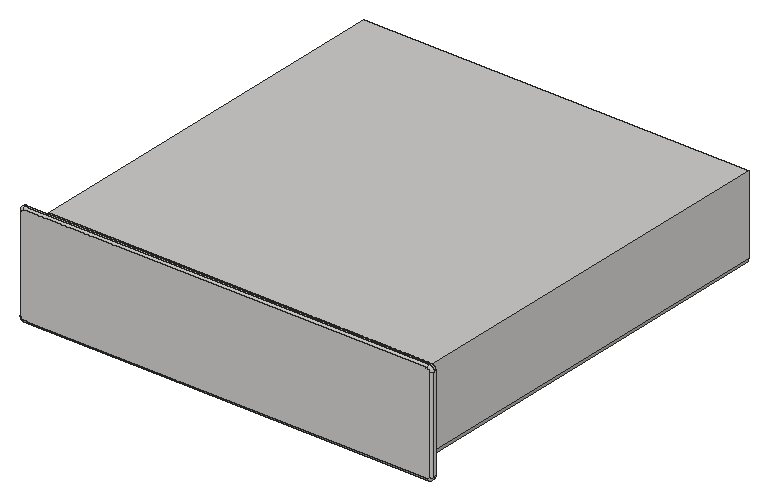
Revit family "M_Gaveta de aquecimento-copos", category Equipamento especial, Revit 2019
Family settings
  Cota do conector redondo = Utilizar diâmetro
  Tipo de parte = Normal
  Número OmniClass = 23.40.40.14
  Título OmniClass = Food Service Equipment
  Com base no plano de trabalho = Não
  Sempre na vertical = Sim
  Corte com vazios quando carregada = Não
  Compartilhado = Não
  Ponto de cálculo do ambiente = Não
Parameters (values of type "600 mm Aço inoxidável")
  Largura = 600 mm
  Embutido = 0 mm
  Voltagem = 120 V
  Type Comments = ""
  Mostrar legenda = yes
  Consumo de energia = 1000 VA
  Legenda = "Copos"
  Altura = 150 mm
  Descrição = "Gaveta de aquecimento de copos"
  Linear = 600 mm
  Código de montagem = "E1090320"
  Acabamento do eletrodoméstico = Eletrodoméstico – Aço inoxidável
  Corpo do eletrodoméstico = Eletrodoméstico – Aço inoxidável
  Amperagem = Consumo de energia / Voltagem  # 8.33333 A
Types (2, lengths in mm): name | Acabamento do eletrodoméstico
  600 mm Aço inoxidável | Eletrodoméstico – Aço inoxidável
  600 mm Preto | Eletrodoméstico – Aço – Revestimento preto
Reference planes
  plane 1 "Face do armário": y = 0
  plane 2: z = 0
  plane 3 "Centro (Esquerda/Direita)": x = 0
  plane 4 "Esquerda": x = -300
  plane 5 "Direita": x = 300
  plane 6 "Parte posterior": y = 572.219
  plane 7 "Frente da unidade": y = -27.781
  plane 8 "Traseira da porta": y = 0
  plane 9 "Superior": z = 150
  plane 10: z = 96.025
Forms (mm)
  Extrusion 1, solid, material "Eletrodoméstico – Aço inoxidável" <- "Acabamento do eletrodoméstico"
    sketch origin (0, -27.781, 0) x (-1, 0, 0) y (0, 0, 1)
      loop
        line (293.65, 150) -> (-293.65, 150)
        arc (-293.65, 150) -> (-298.14, 148.14) -> (-300, 143.65) r 6.35
        line (-300, 143.65) -> (-300, 6.35)
        arc (-300, 6.35) -> (-298.14, 1.86) -> (-293.65, 0) r 6.35
        line (-293.65, 0) -> (293.65, 0)
        arc (293.65, 0) -> (298.14, 1.86) -> (300, 6.35) r 6.35
        line (300, 6.35) -> (300, 143.65)
        arc (300, 143.65) -> (298.14, 148.14) -> (293.65, 150) r 6.35
    from 0 to 6.35
  Sweep 2, void
    path in 3D
      loop
        arc (293.65, -27.781, 0) -> (298.14, -27.781, 1.86) -> (300, -27.781, 6.35) r 6.35
        line (300, -27.781, 6.35) -> (300, -27.781, 143.65)
        arc (300, -27.781, 143.65) -> (298.14, -27.781, 148.14) -> (293.65, -27.781, 150) r 6.35
        line (293.65, -27.781, 150) -> (-293.65, -27.781, 150)
        arc (-293.65, -27.781, 150) -> (-298.14, -27.781, 148.14) -> (-300, -27.781, 143.65) r 6.35
        line (-300, -27.781, 143.65) -> (-300, -27.781, 6.35)
        arc (-300, -27.781, 6.35) -> (-298.14, -27.781, 1.86) -> (-293.65, -27.781, 0) r 6.35
        line (-293.65, -27.781, 0) -> (293.65, -27.781, 0)
    profile "M_Redondo : 3mm" origin (0, -27.781, 0) x (0, -1, 0) y (0, 0, -1)
      loop
        line (0, 0) -> (-3, 0)
        arc (-3, 0) -> (-0.879, -0.879) -> (0, -3) r 3
        line (0, -3) -> (0, 0)
  Extrusion 3, solid, material "Eletrodoméstico – Aço inoxidável" <- "Corpo do eletrodoméstico"
    sketch origin (0, 0, 0) x (-1, 0, 0) y (0, 0, 1)
      loop
        line (279.464, 135.713) -> (-279.464, 135.713) -> (-279.464, 20.637)
        arc (-279.464, 20.637) -> (-277.604, 16.147) -> (-273.114, 14.287) r 6.35
        line (-273.114, 14.287) -> (273.114, 14.287)
        arc (273.114, 14.287) -> (277.604, 16.147) -> (279.464, 20.637) r 6.35
        line (279.464, 20.637) -> (279.464, 135.713)
    from 0 to 572.219
  Extrusion 4, solid, material "Eletrodoméstico – Aço inoxidável" <- "Corpo do eletrodoméstico"
    sketch origin (0, 0, 0) x (-1, 0, 0) y (0, 0, 1)
      loop
        line (266.764, 123.013) -> (-264.904, 123.013) -> (-264.904, 28.847) -> (266.764, 28.847) -> (266.764, 123.013)
    from 0 to -21.431
Cuts and joins
  Sweep 2 cuts Extrusion 1
Lines and regions (mm)
  Masking region 1
    outline origin (0, 0, 0) x (1, 0, 0) y (0, 1, 0)
      loop
        line (300, 0) -> (-300, 0) -> (-300, -27.781) -> (300, -27.781) -> (300, 0)
  Split face 1
    outline origin (0, 572.219, 0) x (-1, 0, 0) y (0, 0, 1)
      loop
        circle (216.335, 96.025) r 6.35
  symbolic lines, style "Eletrodomésticos"
    curve 1: line (-300, 0, 0) -> (-300, -27.781, 0)
    curve 2: line (300, -27.781, 0) -> (-300, -27.781, 0)
    curve 3: line (300, -27.781, 0) -> (300, 0, 0)
    curve 15: line (-300, 0, 0) -> (300, 0, 0)
  sketch lines
    curve 4: line (-293.65, -27.781, 0) -> (293.65, -27.781, 0)
    curve 5: arc (300, -27.781, 6.35) -> (298.14, -27.781, 1.86) -> (293.65, -27.781, 0) r 6.35
    curve 6: arc (-293.65, -27.781, 0) -> (-298.14, -27.781, 1.86) -> (-300, -27.781, 6.35) r 6.35
    curve 7: line (-300, -27.781, 143.65) -> (-300, -27.781, 6.35)
    curve 8: arc (-300, -27.781, 143.65) -> (-298.14, -27.781, 148.14) -> (-293.65, -27.781, 150) r 6.35
    curve 9: line (293.65, -27.781, 150) -> (-293.65, -27.781, 150)
    curve 10: arc (293.65, -27.781, 150) -> (298.14, -27.781, 148.14) -> (300, -27.781, 143.65) r 6.35
    curve 11: line (300, -27.781, 6.35) -> (300, -27.781, 143.65)
  symbolic lines, style "Eletrodomésticos – Ocultos"
    curve 12: line (-279.464, 0, 0) -> (-279.464, 572.219, 0)
    curve 13: line (-279.464, 572.219, 0) -> (279.464, 572.219, 0)
    curve 14: line (279.464, 572.219, 0) -> (279.464, 0, 0)
Dimensions and locks
  equal spacing: plane 4 "Esquerda", plane 3 "Centro (Esquerda/Direita)", plane 5 "Direita"
  "Largura": plane 4 "Esquerda" to plane 5 "Direita"
  "Linear": plane 6 "Parte posterior" to plane 7 "Frente da unidade"
  "Altura": plane 9 "Superior" to level
  locked: plane 8 "Traseira da porta" to plane 7 "Frente da unidade" at 27.781
  "Embutido": plane 1 "Face do armário" to plane 8 "Traseira da porta"
  locked: plane 9 "Superior" to Extrusion 3 sketch curve at 14.288
  locked: Extrusion 3 sketch curve to plane 4 "Esquerda" at 20.536
  locked: plane 5 "Direita" to Extrusion 3 sketch curve at 20.536
  locked: level to Extrusion 3 sketch curve at 14.288
  locked: plane 9 "Superior" to plane 10 at 53.975
  equal spacing: plane 6 "Parte posterior", nested 1, plane 1 "Face do armário"
  radius of Extrusion 3 sketch curve = 6.35 mm  (x2)
  aligned and locked: plane 2 to level
  aligned and locked: plane 3 "Centro (Esquerda/Direita)" to nested 1
  aligned and locked: plane 9 "Superior" to Extrusion 1 sketch curve
  aligned and locked: plane 4 "Esquerda" to Extrusion 1 sketch curve
  aligned and locked: Extrusion 1 sketch curve to plane 5 "Direita"
  aligned and locked: plane 6 "Parte posterior" to Extrusion 3
  aligned and locked: plane 8 "Traseira da porta" to Masking region 1 sketch curve
  aligned and locked: plane 7 "Frente da unidade" to Masking region 1 sketch curve
  aligned and locked: plane 5 "Direita" to Masking region 1 sketch curve
  aligned and locked: plane 4 "Esquerda" to Masking region 1 sketch curve
  aligned and locked: Extrusion 1 sketch curve to level
  aligned and locked: Extrusion 4 to cut or joined group of Extrusion 1, Sweep 2
  aligned and locked: plane 5 "Direita" to curve 15
  aligned and locked: plane 4 "Esquerda" to curve 15
  aligned and locked: curve 15 to plane 8 "Traseira da porta"
Automatic sketch dimensions
  Extrusion 1 sketch curve to plane 5 "Direita" = 6.35 mm
  level to Extrusion 1 sketch curve = 6.35 mm  (x2)
  plane 4 "Esquerda" to Extrusion 1 sketch curve = 6.35 mm
  Extrusion 4 sketch curve to plane 5 "Direita" = 35.096 mm
  plane 4 "Esquerda" to Extrusion 4 sketch curve = 33.236 mm
  level to Extrusion 4 sketch curve = 28.847 mm
  Extrusion 4 sketch curve to plane 9 "Superior" = 26.987 mm
  Split face 1 sketch curve to Extrusion 3 = 63.129 mm
  Split face 1 sketch curve to Extrusion 3 = 39.688 mm
  curve 13 to plane 6 "Parte posterior" = 0 mm
  curve 1 to plane 7 "Frente da unidade" = 0 mm
  plane 4 "Esquerda" to curve 13 = 20.536 mm
  curve 14 to plane 5 "Direita" = 20.536 mm
  radius of Split face 1 sketch curve = 6.35 mm
Nested families
  nested 1: "Anotação de legenda de 2,5" at (0, 286.109, 0), visible <- "Mostrar legenda", type "Anotação de legenda de 2,5"
Connectors
  electrical at (-216.335, 572.219, 96.025), driven by "Voltagem", driven by "Consumo de energia"
    settings: on Extrusion 3, index 1, voltage 120 V, apparent load 1000 VA, apparent load phase1 0 VA, apparent load phase2 0 VA, apparent load phase3 0 VA, power factor 1, load classification "Eletrodoméstico", number of poles 1, system type 30, power factor state 1, is connector primary yes, connector utility no, sub classification motor no, connector description "Potência da gaveta de aquecimento de copos"
Definition of nested family "Anotação de legenda de 2,5"
  Parameters
    Legenda = "Congelador 36 LH"
  Reference planes
    plane 1: y = 0
    plane 2: x = 0
  Text (mm)
    label "Legenda" at (0.095, -0.088, 0), shows "Legenda"
